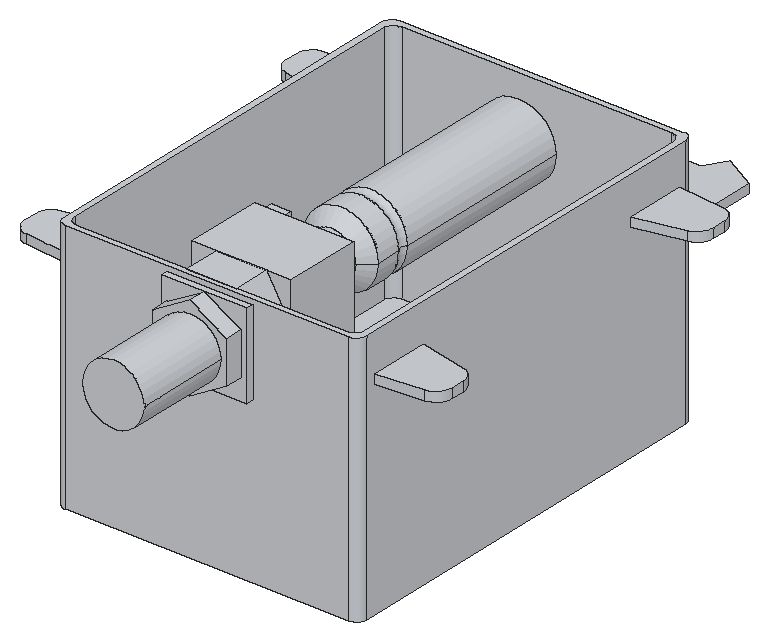
Revit family
Parameters
  Waste Connection = no
  Outlet Connector Type = ""
  Inlet Connector Type = ""
  Frame Visibility [instance] = no
  Default Elevation = 40.00"
Reference planes (in)
  plane 1 "Center (Front/Back)": y = 0
  plane 2: z = 0
  plane 3 "Center (Left/Right)": x = 0
Forms (in)
  Extrusion 1, solid, not visible
    sketch origin (0, 0, 0) x (1, 0, 0) y (0, 1, 0)
      loop
        line (-48, 48) -> (-48, -48) -> (48, -48) -> (48, 48) -> (-48, 48)
    from 0 to -12
  Extrusion 2, solid
    sketch origin (-7.70397, -2.8125, -0.625) x (1, 0, 0) y (0, 1, 0)
      loop
        line (9.74457, 5.38) -> (9.74457, 4.5495) -> (10.41144, 4.7033)
        arc (10.41144, 4.7033) -> (10.53349, 4.78027) -> (10.58107, 4.9165) r 0.2188
        line (10.58107, 4.9165) -> (10.58107, 5.0987)
        arc (10.58107, 5.0987) -> (10.52446, 5.24556) -> (10.38392, 5.31643) r 0.2188
        line (10.38392, 5.31643) -> (9.74457, 5.38)
    from 0 to 0.125
  Extrusion 3, solid
    sketch origin (7.70397, -2.8125, -0.625) x (-1, 0, 0) y (0, -1, 0)
      loop
        line (9.74457, -5.38) -> (10.38392, -5.31643)
        arc (10.38392, -5.31643) -> (10.52446, -5.24556) -> (10.58107, -5.0987) r 0.2188
        line (10.58107, -5.0987) -> (10.58107, -4.9165)
        arc (10.58107, -4.9165) -> (10.53349, -4.78027) -> (10.41144, -4.7033) r 0.2188
        line (10.41144, -4.7033) -> (9.74457, -4.5495) -> (9.74457, -5.38)
    from 0 to 0.125
  Extrusion 4, solid
    sketch origin (-7.70397, 2.8125, -0.625) x (1, 0, 0) y (0, 1, 0)
      loop
        line (9.74457, -5.38) -> (10.38392, -5.31643)
        arc (10.38392, -5.31643) -> (10.52446, -5.24556) -> (10.58107, -5.0987) r 0.2188
        line (10.58107, -5.0987) -> (10.58107, -4.9165)
        arc (10.58107, -4.9165) -> (10.53349, -4.78027) -> (10.41144, -4.7033) r 0.2188
        line (10.41144, -4.7033) -> (9.74457, -4.5495) -> (9.74457, -5.38)
    from 0 to 0.125
  Extrusion 5, solid
    sketch origin (7.70397, 2.8125, -0.625) x (-1, 0, 0) y (0, -1, 0)
      loop
        line (9.74457, 5.38) -> (9.74457, 4.5495) -> (10.41144, 4.7033)
        arc (10.41144, 4.7033) -> (10.53349, 4.78027) -> (10.58107, 4.9165) r 0.2188
        line (10.58107, 4.9165) -> (10.58107, 5.0987)
        arc (10.58107, 5.0987) -> (10.52446, 5.24556) -> (10.38392, 5.31643) r 0.2188
        line (10.38392, 5.31643) -> (9.74457, 5.38)
    from 0 to 0.125
  Extrusion 6, void
    sketch origin (0, -2.8125, -3.75) x (1, 0, 0) y (0, 1, 0)
      loop
        arc (-1.81428, 5.535) -> (-1.91067, 5.49507) -> (-1.9506, 5.39868) r 0.13632
        line (-1.9506, 5.39868) -> (-1.9506, 0.21279)
        arc (-1.9506, 0.21279) -> (-1.91067, 0.11639) -> (-1.81428, 0.07647) r 0.13632
        line (-1.81428, 0.07647) -> (1.81428, 0.07647)
        arc (1.81428, 0.07647) -> (1.91067, 0.11639) -> (1.9506, 0.21279) r 0.13632
        line (1.9506, 0.21279) -> (1.9506, 5.39868)
        arc (1.9506, 5.39868) -> (1.91067, 5.49507) -> (1.81428, 5.535) r 0.13632
        line (1.81428, 5.535) -> (-1.81428, 5.535)
    from 0.47737 to 3.75
  Extrusion 7, solid
    sketch origin (7, -2.8125, -3.75) x (1, 0, 0) y (0, 1, 0)
      loop
        arc (-8.90741, 5.625) -> (-9.00159, 5.58599) -> (-9.0406, 5.49181) r 0.13319
        line (-9.0406, 5.49181) -> (-9.0406, 0.13319)
        arc (-9.0406, 0.13319) -> (-9.00159, 0.03901) -> (-8.90741, 0) r 0.13319
        line (-8.90741, 0) -> (-5.09259, 0)
        arc (-5.09259, 0) -> (-4.99841, 0.03901) -> (-4.9594, 0.13319) r 0.13319
        line (-4.9594, 0.13319) -> (-4.9594, 5.49181)
        arc (-4.9594, 5.49181) -> (-4.99841, 5.58599) -> (-5.09259, 5.625) r 0.13319
        line (-5.09259, 5.625) -> (-8.90741, 5.625)
    from 0.33616 to 3.75
  Extrusion 8, solid
    sketch origin (7, -2.8125, -4.09216) x (1, 0, 0) y (0, 1, 0)
      loop
        line (-8.5603, 6.3475) -> (-8.7288, 6.62451) -> (-9.1936, 6.35561) -> (-9.1936, 5.62871) -> (-9.0406, 5.47571) -> (-8.85627, 5.625) -> (-5.10627, 5.625) -> (-4.95819, 5.47692) -> (-4.8064, 5.62871) -> (-4.8064, 6.35561) -> (-5.2712, 6.62451) -> (-5.4397, 6.3475) -> (-8.5603, 6.3475)
    from 3.125 to 3.25
  Extrusion 9, solid
    sketch origin (2.7956, -1.806, -2.99004) x (-1, 0, 0) y (0, 0, -1)
      loop
        line (3.4606, -2.99004) -> (3.4606, -1.83823) -> (2.1306, -1.83823) -> (2.1306, -2.99004) -> (3.4606, -2.99004)
    from -0.61996 to 0.42904
  Extrusion 10, solid
    sketch origin (2.7956, -1.806, -3.43713) x (-1, 0, 0) y (0, 0, -1)
      loop
        line (3.4606, -2.86123) -> (3.1281, -2.28532) -> (2.4631, -2.28532) -> (2.1306, -2.86123) -> (2.4631, -3.43713) -> (3.1281, -3.43713) -> (3.4606, -2.86123)
    from 0.42904 to 0.93004
  Extrusion 11, solid
    sketch origin (0.38935, 0, 0) x (1, 0, 0) y (0, 0, 1)
      loop
        line (0.22268, -0.0625) -> (-0.92732, -0.0625) -> (-0.92732, -1.21223) -> (0.22268, -1.21223) -> (0.22268, -0.0625)
    from 2.8125 to 2.9125
  Extrusion 12, solid
    sketch origin (1.0456, 0, 0) x (1, 0, 0) y (0, 0, 1)
      loop
        line (-1.0117, -0.0625) -> (-1.50955, -0.34993) -> (-1.50955, -0.9248) -> (-1.0117, -1.21223) -> (-0.51385, -0.9248) -> (-0.51385, -0.34993) -> (-1.0117, -0.0625)
    from 2.9125 to 3.1475
  Extrusion 13, solid
    sketch origin (1.0456, 0, 0) x (1, 0, 0) y (0, 0, 1)
      loop
        circle (-1.0117, -0.63736) r 0.4125
    from 4.42992 to 3.1475
  Revolve 14, solid
    sketch origin (1.0456, 0, -0.59375) x (1, 0, 0) y (0, 1, 0)
      loop
        line (-1.37372, -1.18603) -> (-1.0456, -1.18603) -> (-1.0456, 2.55068)
        arc (-1.0456, 2.55068) -> (-1.30667, 2.51883) -> (-1.54869, 2.41588) r 0.93975
        line (-1.54869, 2.41588) -> (-1.54869, -0.06815)
        arc (-1.54869, -0.06815) -> (-1.51935, -0.14571) -> (-1.54869, -0.22328) r 0.11721
        line (-1.54869, -0.22328) -> (-1.54869, -0.55818) -> (-1.37372, -0.73314) -> (-1.37372, -1.18603)
      axis (-1.0456, -1.18603) -> (-1.0456, 2.55068)
    angle from 0 to 360
  Extrusion 15, solid
    sketch origin (-0.7427, 0, -0.77554) x (1, 0, 0) y (0, 1, 0)
      loop
        line (0.0777, -1.86103) -> (0.0777, -0.57103) -> (-0.1823, -0.57103) -> (-0.1823, -1.86103) -> (0.0777, -1.86103)
    from 0 to 0.4
  Sweep 16, solid, not visible
    path origin (0, 0, 0) x (1, 0, 0) y (0, 0, 1)
      loop
        line (-1.7174, 2.5401) -> (-1.7174, -2.5401) -> (1.7174, -2.5401) -> (1.7174, 2.5401) -> (-1.7174, 2.5401)
    profile origin (-1.7174, 0, 0) x (0, -1, 0) y (1, 0, 0)
      loop
        line (0, 0) -> (0, -1.1782) -> (0.125, -1.1782)
        arc (0.125, -1.1782) -> (0.18244, -0.8066) -> (0.29371, -0.44742) r 2.55875
        arc (0.29371, -0.44742) -> (0.35615, -0.22767) -> (0.375, 0) r 1.17785
        line (0.375, 0) -> (0, 0)
  Sweep 17, solid, visible <- "Frame Visibility"
    path origin (0, 0, 0) x (1, 0, 0) y (0, 1, 0)
      loop
        line (-1.7174, 2.5401) -> (-1.7174, -2.5401) -> (1.7174, -2.5401) -> (1.7174, 2.5401) -> (-1.7174, 2.5401)
    profile origin (-1.7174, 0, 0) x (1, 0, 0) y (0, 0, 1)
      loop
        line (0, 0) -> (0, 0.375)
        arc (0, 0.375) -> (-0.22767, 0.35615) -> (-0.44742, 0.29371) r 1.17785
        arc (-0.44742, 0.29371) -> (-0.8066, 0.18244) -> (-1.1782, 0.125) r 2.55875
        line (-1.1782, 0.125) -> (-1.1782, 0) -> (0, 0)
Cuts and joins
  Extrusion 6 cuts Extrusion 7
Lines and regions (in)
  model lines
    curve 1: circle (2.6206, 2.1725, -0.5) r 0.09 normal (0, 0, 1)
    curve 2: circle (-2.6206, 2.1725, -0.5) r 0.09 normal (0, 0, -1)
    curve 3: circle (2.6206, -2.1725, -0.5) r 0.09 normal (0, 0, -1)
    curve 4: circle (-2.6206, -2.1725, -0.5) r 0.09 normal (0, 0, 1)
    curve 5: line (-0.2884, 2.8125, -0.84216) -> (-0.2884, 3.535, -0.84216)
    curve 6: line (0.3116, 2.8125, -0.84216) -> (0.3116, 3.535, -0.84216)
    curve 7: line (0.9116, 2.8125, -0.84216) -> (0.9116, 3.535, -0.84216)
    curve 8: line (-0.8884, 2.8125, -0.84216) -> (-0.8884, 3.535, -0.84216)
    curve 9: line (-1.4884, 2.8125, -0.84216) -> (-1.4884, 3.535, -0.84216)
    curve 10: line (1.5116, 2.8125, -0.84216) -> (1.5116, 3.535, -0.84216)
    curve 11: line (-1.6414, 2.8125, -0.84216) -> (-1.6414, 3.535, -0.84216)
    curve 12: line (-1.5603, 3.535, -0.84216) -> (-1.6414, 3.535, -0.84216)
    curve 13: line (-1.6414, 3.535, -0.84216) -> (-1.70032, 3.31511, -0.84216)
    curve 14: line (-1.70032, 3.31511, -0.84216) -> (-2.1936, 3.10261, -0.84216)
    curve 15: line (1.5603, 3.535, -0.84216) -> (1.6414, 3.535, -0.84216)
    curve 16: line (1.6414, 3.535, -0.84216) -> (1.70032, 3.31511, -0.84216)
    curve 17: line (1.70032, 3.31511, -0.84216) -> (2.1936, 3.10261, -0.84216)
    curve 18: line (-1.8226, 3.55987, -0.84216) -> (-1.8226, 3.37958, -0.84216)
    curve 19: line (-1.8226, 3.37958, -0.84216) -> (-2.00154, 3.3025, -0.84216)
    curve 20: line (-2.00154, 3.3025, -0.84216) -> (-2.00154, 3.48278, -0.84216)
    curve 21: line (-1.8226, 3.55987, -0.84216) -> (-2.00154, 3.48278, -0.84216)
    curve 22: line (1.8226, 3.55987, -0.84216) -> (1.8226, 3.37958, -0.84216)
    curve 23: line (1.8226, 3.37958, -0.84216) -> (2.00154, 3.3025, -0.84216)
    curve 24: line (2.00154, 3.3025, -0.84216) -> (2.00154, 3.48278, -0.84216)
    curve 25: line (1.8226, 3.55987, -0.84216) -> (2.00154, 3.48278, -0.84216)
    curve 26: circle (0, -1.7116, 0) r 0.45 normal (0, 0, 1)
    curve 27: circle (0, -1.7116, 0) r 0.125 normal (0, 0, 1)
Dimensions and locks (in)
  locked: cut or joined group of Extrusion 6, Extrusion 7 to plane 1 "Center (Front/Back)" at 2.8125
  locked: cut or joined group of Extrusion 6, Extrusion 7 to cut or joined group of Extrusion 6, Extrusion 7 at 5.625
  locked: Extrusion 13 to cut or joined group of Extrusion 6, Extrusion 7 at 1.61742
  aligned and locked: plane 2 to Extrusion 1
  aligned and locked: level to Extrusion 1
  aligned and locked: Extrusion 7 to Extrusion 2
  aligned: Extrusion 7 to level
  aligned and locked: Extrusion 2 to Extrusion 4
  aligned and locked: Extrusion 6 to Extrusion 7
  aligned and locked: Extrusion 10 to Extrusion 9
  aligned and locked: cut or joined group of Extrusion 6, Extrusion 7 to Extrusion 11
  aligned and locked: Extrusion 11 to Extrusion 12
  aligned and locked: Extrusion 13 to Extrusion 12
Connectors (in)
  piping at (0, -1.71053, 0), driven by "Outlet Connector Type"
    settings: on Extrusion 9, index 1, connector radius 0.13", flow factor 0, pipe flow 0 GPM, pressure drop 0.00 psi, fitting loss kfactor 0, connector angle 0.00°, fixture units 0, flow configuration 0, flow direction 2, fitting loss method 0, system type 20, connector reference index -1, connector utility 0, adjustable connector no, is connector primary yes, fitting loss table "", connector description ""
  piping at (0.0339, -4.42992, -0.63736), driven by "Inlet Connector Type"
    settings: on Extrusion 13, index 6, connector radius 1/4", flow factor 0, pipe flow 0 GPM, pressure drop 0.00 psi, fitting loss kfactor 0, connector angle 0.00°, fixture units 0, flow configuration 0, flow direction 1, fitting loss method 0, system type 20, connector reference index -1, connector utility 0, adjustable connector no, is connector primary no, fitting loss table "", connector description ""
